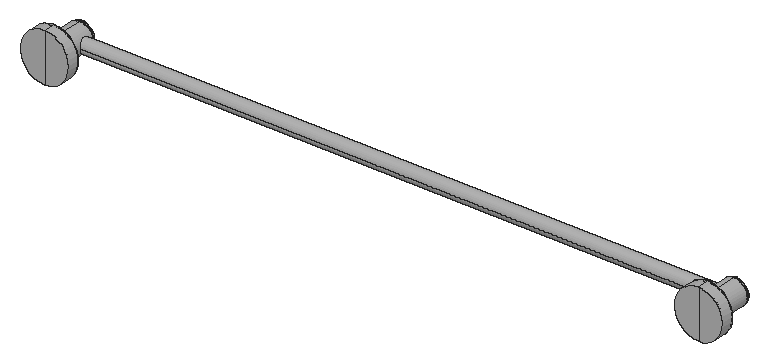
Revit family "TH6016661_Kit por 6 Accesorios Thames(Barra)", category Plumbing Fixtures, Revit 2019
Family settings
  Round Connector Dimension = Use Diameter
  Part Type = Normal
  OmniClass Number = 23.19.25.13.21.17
  OmniClass Title = Fittings
  Work Plane-Based = No
  Always vertical = Yes
  Cut with Voids When Loaded = No
  Shared = No
  Room Calculation Point = No
Parameters
  Uso = "Residencial"  # constant formula
  URL = "https://corona.co/productos/accesorios/kit-por-6-accesorios-thames/p/TH6016661"
  Resistencia = "Resistente a la corrosión pelado y decoloración por agua, Resistencia al peso general hasta 9 kg, Resistencia al peso del toallero barra hasta 23 kg"  # constant formula
  Número de piezas = "6"  # constant formula
  Materiales = "Cromado"  # constant formula
  Material = Corona_Cromo
  Línea = "Torino"  # constant formula
  Garantías de otros componentes = "2 años en acabados"  # constant formula
  Garantía = "30 años en estructura"  # constant formula
  Fecha de creación = "14/08/2020"  # constant formula
  Description = "Nuestro kit de accesorios que reflejan las últimas tendencias de diseño, convirtiéndose así en el mejor complemento para tu baño. ¡Pídelo ahora!"  # constant formula
  Creado por = "IDD"  # constant formula
  Componentes = "Percha, Toallero, Jabonera, Barra, Cepillera, Portarrollo"  # constant formula
  Colección = "Gama Media 2010"  # constant formula
  Acabado = "Cromado"  # constant formula
Reference planes
  plane 1 "Center (Front/Back)": y = 0
  plane 2: z = 0
  plane 3 "Center (Left/Right)": x = 0
Forms (mm)
  Extrusion 1, solid, material "Corona_Cromo" <- "Material", detail levels coarse
    sketch origin (0, 0, 0) x (1, 0, 0) y (0, 1, 0)
      loop
        line (-345.008, 0) -> (345, 0) -> (345, 47.793) -> (-345.008, 47.793) -> (-345.008, 0)
    from -24.795 to 23.438
  Revolve 2, solid, material "Corona_Cromo" <- "Material", detail levels medium+fine
    sketch origin (-320, 219.762, -0.678) x (0, 1, 0) y (0, 0, 1)
      loop
        line (-219.762, 0) -> (-173.843, 0) -> (-173.843, 11.599)
        arc (-173.843, 11.599) -> (-173.999, 12.094) -> (-174.41, 12.409) r 0.862
        line (-174.41, 12.409) -> (-175.351, 12.592)
        arc (-175.351, 12.592) -> (-175.863, 12.666) -> (-176.379, 12.691) r 5.388
        line (-176.379, 12.691) -> (-207.506, 12.691) -> (-207.506, 22.95)
        arc (-207.506, 22.95) -> (-207.72, 23.467) -> (-208.237, 23.681) r 0.731
        line (-208.237, 23.681) -> (-219.762, 23.681) -> (-219.762, 0)
      axis (-219.762, 0) -> (-173.843, 0)
    angle from 0 to 360
  Extrusion 3, solid, material "Corona_Cromo" <- "Material", detail levels medium+fine
    sketch origin (-131.601, 550.612, -514.35) x (0, 1, 0) y (0, 0, 1)
      loop
        circle (-516.485, 513.801) r 7
    from -188.399 to 451.601
  Revolve 4, solid, material "Corona_Cromo" <- "Material", detail levels medium+fine
    sketch origin (320, 219.762, -0.678) x (0, 1, 0) y (0, 0, 1)
      loop
        line (-219.762, 0) -> (-173.843, 0) -> (-173.843, 11.599)
        arc (-173.843, 11.599) -> (-173.999, 12.094) -> (-174.41, 12.409) r 0.862
        line (-174.41, 12.409) -> (-175.351, 12.592)
        arc (-175.351, 12.592) -> (-175.863, 12.666) -> (-176.379, 12.691) r 5.388
        line (-176.379, 12.691) -> (-207.506, 12.691) -> (-207.506, 22.95)
        arc (-207.506, 22.95) -> (-207.72, 23.467) -> (-208.237, 23.681) r 0.731
        line (-208.237, 23.681) -> (-219.762, 23.681) -> (-219.762, 0)
      axis (-219.762, 0) -> (-173.843, 0)
    angle from 0 to 360
Dimensions and locks
  aligned and locked: level to plane 2
